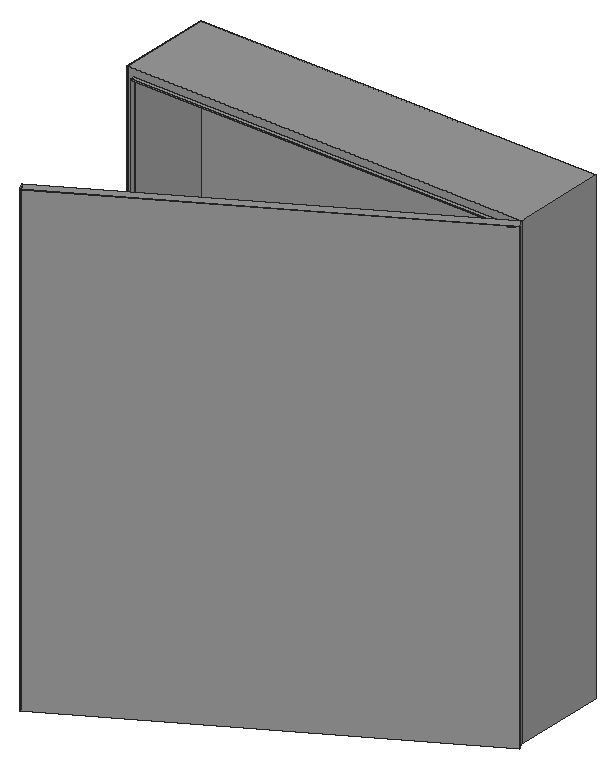
Revit family "Hager-Univers-IP44-D205-H950-Cl.I-Encl-NoHosted-CH-fr", category Electrical Equipment, Revit 2020
Family settings
  Panel Configuration = Two Columns, Circuits Across
  Round Connector Dimension = Use Diameter
  Part Type = Panelboard
  Work Plane-Based = Yes
  Always vertical = Yes
  Cut with Voids When Loaded = No
  Shared = No
  Room Calculation Point = No
Parameters (values of type "saillie IP44 L800 H950 P205  - FP63TN2")
  Width Control [instance] = if([EF000008 - largeur] > Min Width, [EF000008 - largeur], Min Width)  # 800 mm
  Type Comments = [HG000003 - Gamme]  # "Univers"
  Thickness Door [instance] = if([EF009171 - épaisseur de matériau de la porte/du couvercle] > 3 mm, 3 mm, [EF009171 - épaisseur de matériau de la porte/du couvercle])  # 1 mm
  Seal Frame Offset [instance] = 17 mm  # constant formula
  Plinth Visibility [instance] = [HG000027 - Hauteur du socle] > 0 mm  # no
  Min Width [instance] = 100 mm  # constant formula
  Min Depth [instance] = (2 * [EF009170 - épaisseur de matériau du boîtier]) + 1 mm  # 3 mm
  Min Height [instance] = 100 mm  # constant formula
  Internal Frame Depth [instance] = (Door System Depth * 0.5)  # 9 mm
  Panel Name [instance] = ""  # (empty or 0)
  Model = ""
  HG000027 - Hauteur du socle = 0 mm
  HG000026 - Installation au sol = no
  HG000024 - Hauteur de la section basse = 600 mm
  HG000023 - Armoire double section = no
  HG000016 - Visibilité de la porte 3D [instance] = yes
  HG000015 - Visibilité de l'emprise de la porte [instance] = no
  HG000014 - Porte à droite [instance] = yes
  HG000013 - Porte à gauche [instance] = not([HG000014 - Porte à droite])  # no
  HG000012 - Angle de pivotement de la porte [instance] = 30.00°
  HG000010 - Portes asymétriques = no
  HG000009 - Porte à double battant = no
  HG000006 - Encastré = no
  HG000004 - Référence fabricant = "FP63TN2"
  HG000003 - Gamme = "Univers"
  HG000002 - avec porte = yes
  Frame Offset Bottom [instance] = 10 mm  # constant formula
  Frame Offset [instance] = 15 mm  # constant formula
  EF015940 - couvercle avec décharge de pression = no
  EF011959 - degré de protection (NEMA) = ""
  EF009554 - nombre d'ouvertures pour plaques à bride = 6
  EF009212 - finition du couvercle = "EV000116 - fermé"
  EF009171 - épaisseur de matériau de la porte/du couvercle = 1 mm
  EF009170 - épaisseur de matériau du boîtier = 1 mm
  EF008873 - courant nominal (In) = 250 A
  EF007800 - adapté à un parafoudre = no
  EF006306 - avec serrure = no
  EF006244 - couvercle/porte transparent(e) = no
  EF005474 - indice de protection (IP) = "EV006418 - IP44"
  EF004464 - type de porte = "EV002646 - unique"
  EF004427 - nombre de modules = 216
  EF004293 - indice de protection contre les chocs (IK) = "EV006815 - IK09"
  EF003532 - convient pour utilisation à l’extérieur = no
  EF002950 - largeur en nombre de modules = 36
  EF001613 - maintien de fonction = "EV000494 - sans"
  EF001596 - matériau du boîtier/corps = "EV000179 - acier"
  EF001131 - profondeur intérieure = 130 mm
  EF001088 - possibilité de montage en saillie = yes
  EF000437 - nombre d'entrées de conduit = 6
  EF000339 - type de capot = "EV001012 - couvercle"
  EF000266 - nombre de rangées = 6
  EF000218 - profondeur d'encastrement = 205 mm
  EF000118 - avec cadre/support de montage = no
  EF000116 - numéro RAL = "9010"
  EF000049 - profondeur = 205 mm
  EF000040 - hauteur = 950 mm
  EF000008 - largeur = 800 mm
  EF000007 - couleur = "EV000202 - blanc"
  EF000003 - mode de pose = "EV000384 - saillie"
  Door System Leaf Tolerance [instance] = 1.5 mm  # constant formula
  Door System Depth [instance] = 18 mm  # constant formula
  Door Height [instance] = Height Control - [HG000027 - Hauteur du socle]  # 950 mm
  Description = ""
  Default Elevation = 1219.2 mm
  Connector Offset [instance] = Height Control / 2  # 475 mm
  Manufacturer = "Hager"  # constant formula
  Height Control [instance] = if([EF000040 - hauteur] > Min Height, [EF000040 - hauteur], Min Height)  # 950 mm
  Depth Control [instance] = if([EF000049 - profondeur] > Min Depth, [EF000049 - profondeur], Min Depth)  # 205 mm
  Bottom Top Plate Trim [instance] = 1.5 mm  # constant formula
  Plinth height Ctrl [instance] = if([HG000027 - Hauteur du socle] > 0 mm, [HG000027 - Hauteur du socle], 12 mm)  # 12 mm
Types (10, lengths in mm): name | Width Control | HG000010 - Portes asymétriques | HG000009 - Porte à double battant | HG000004 - Référence fabricant | EF009554 - nombre d'ouvertures pour plaques à bride | EF004464 - type de porte | EF004427 - nombre de modules | EF002950 - largeur en nombre de modules | EF000437 - nombre d'entrées de conduit | EF000218 - profondeur d'encastrement | EF000008 - largeur
  saillie IP44 L1050 H950 P205  - FP64QT | 1050 | no | no | "FP64QT" | 8 | "EV003602 - double" | 288 | 48 | 8 | 0 | 1050
  saillie IP44 L1050 H950 P205  - FP64TN2 | 1050 | no | yes | "FP64TN2" | 8 | "EV003602 - double" | 288 | 48 | 8 | 205 | 1050
  saillie IP44 L1300 H950 P205  - FP65QT | 1300 | no | no | "FP65QT" | 10 | "EV003602 - double" | 360 | 60 | 10 | 0 | 1300
  saillie IP44 L1300 H950 P205  - FP65TN2 | 1300 | yes | yes | "FP65TN2" | 10 | "EV003602 - double" | 360 | 60 | 10 | 205 | 1300
  saillie IP44 L300 H950 P205  - FP61QT | 300 | no | no | "FP61QT" | 2 | "EV002646 - unique" | 72 | 12 | 2 | 0 | 300
  saillie IP44 L300 H950 P205  - FP61TN2 | 300 | no | no | "FP61TN2" | 2 | "EV002646 - unique" | 72 | 12 | 2 | 205 | 300
  saillie IP44 L550 H950 P205  - FP62QT | 550 | no | no | "FP62QT" | 4 | "EV002646 - unique" | 144 | 24 | 4 | 0 | 550
  saillie IP44 L550 H950 P205  - FP62TN2 | 550 | no | no | "FP62TN2" | 4 | "EV002646 - unique" | 144 | 24 | 4 | 205 | 550
  saillie IP44 L800 H950 P205  - FP63QT | 800 | no | no | "FP63QT" | 6 | "EV002646 - unique" | 216 | 36 | 6 | 0 | 800
  saillie IP44 L800 H950 P205  - FP63TN2 | 800 | no | no | "FP63TN2" | 6 | "EV002646 - unique" | 216 | 36 | 6 | 205 | 800
Reference planes
  plane 1 "Center (Front/Back)": y = 0
  plane 2: z = 0
  plane 3 "Center (Left/Right)": x = 0
  plane 4: y = 0
  plane 5: y = 0
  plane 6: z = 0
  plane 7: x = -400
  plane 8: x = 400
  plane 9: x = 399
  plane 10: x = -399
  plane 11: z = 0
  plane 12: z = 1
  plane 13: y = -205
  plane 14: y = -1
  plane 15: x = 0
  plane 16: y = -187
  plane 17: y = -204
  plane 18: y = -186
  plane 19: x = -384
  plane 20: x = 384
  plane 21: z = 11
  plane 22: x = -383
  plane 23: x = 383
  plane 24: z = 0
  plane 25: z = 950
  plane 26: z = 950
  plane 27: z = 934
  plane 28: z = 949
Forms (mm)
  Extrusion 1, solid, material "Hager_Steel_RAL7035_Light_Grey", detail levels medium+fine
    sketch origin (-208.679, -4572, 0) x (-1, 0, 0) y (0, -1, 0)
      loop
        line (191.321, -4385) -> (-608.679, -4385) -> (-608.679, -4572) -> (191.321, -4572) -> (191.321, -4385)
    from 0 to 950
  Extrusion 2, void
    sketch origin (-350.771, -205, 1219.2) x (1, 0, 0) y (0, 0, 1)
      loop
        line (-48.229, -270.2) -> (-48.229, -1218.2) -> (749.771, -1218.2) -> (749.771, -270.2) -> (-48.229, -270.2)
    from -19 to -204
  Extrusion 3, void
    sketch origin (-290.084, -187, 1219.2) x (1, 0, 0) y (0, 0, 1)
      loop
        line (-93.916, -1208.2) -> (674.084, -1208.2) -> (674.084, -285.2) -> (-93.916, -285.2) -> (-93.916, -1208.2)
    from 0 to -1
  Extrusion 4, solid, material "Hager_Steel_RAL7035_Light_Grey", visible <- "Plinth Visibility", detail levels medium+fine
    sketch origin (0, 0, 0) x (1, 0, 0) y (0, 1, 0)
      loop
        line (-400, 0) -> (-400, -187) -> (400, -187) -> (400, 0) -> (-400, 0)
    from 0 to 12 <- "Plinth height Ctrl"
  Extrusion 5, solid, material "Hager_Steel_RAL7035_Light_Grey", detail levels coarse
    sketch origin (0, 0, 0) x (1, 0, 0) y (0, 1, 0)
      loop
        line (-400, 0) -> (-400, -205) -> (400, -205) -> (400, 0) -> (-400, 0)
    from 0 to 950 <- "Height Control"
  Sweep 6, void
    path in 3D
      loop
        line (-400, -187, 12) -> (400, -187, 12) -> (400, 0, 12) -> (-400, 0, 12) -> (-400, -187, 12)
    profile origin (-400, -93.5, 12) x (1, 0, 0) y (0, 0, 1)
      loop
        line (0, 0) -> (0, -1.5) -> (1.5, -1.5)
        arc (1.5, -1.5) -> (1.061, -0.439) -> (0, 0) r 1.5
  Extrusion 7, solid, material "Hager_Steel_RAL7035_Light_Grey", detail levels fine
    sketch origin (-400, -187, 0) x (1, 0, 0) y (0, 0, 1)
      loop
        line (16, 11) -> (784, 11) -> (784, 934) -> (16, 934) -> (16, 11)
      loop
        line (15, 10) -> (785, 10) -> (785, 935) -> (15, 935) -> (15, 10)
    from 0 to 9 <- "Internal Frame Depth"
Cuts and joins
  Extrusion 2, Extrusion 3 cuts Extrusion 1
  Sweep 6 cuts Extrusion 4
Lines and regions (mm)
  Masking region 1
    outline origin (0, 0, 0) x (1, 0, 0) y (0, 1, 0)
      loop
        line (-400, 0) -> (-400, -205) -> (400, -205) -> (400, 0) -> (-400, 0)
  Masking region 2, detail levels coarse
    outline origin (-290.084, -187, 1219.2) x (-1, 0, 0) y (0, 0, 1)
      loop
        line (-690.084, -1219.2) -> (109.916, -1219.2) -> (109.916, -269.2) -> (-690.084, -269.2) -> (-690.084, -1219.2)
  Masking region 3, detail levels coarse
    outline origin (0, 0, 0) x (0, 1, 0) y (0, 0, 1)
      loop
        line (0, 0) -> (0, 950) -> (-205, 950) -> (-205, 0) -> (0, 0)
  Masking region 4, visible <- "Plinth Visibility", detail levels medium+fine
    outline origin (0, 0, 0) x (0, 1, 0) y (0, 0, 1)
      loop
        line (-1.5, 12) -> (-185.5, 12)
        arc (-185.5, 12) -> (-185.939, 10.939) -> (-187, 10.5) r 1.5
        line (-187, 10.5) -> (-187, 0) -> (0, 0) -> (0, 10.5)
        arc (0, 10.5) -> (-1.061, 10.939) -> (-1.5, 12) r 1.5
  Masking region 5, detail levels medium+fine
    outline origin (0, 0, 594.038) x (0, 1, 0) y (0, 0, 1)
      loop
        line (0, -594.038) -> (0, 355.962) -> (-187, 355.962) -> (-187, -594.038) -> (0, -594.038)
  Masking region 6, detail levels medium+fine
    outline origin (-359.7, -187, 1211.883) x (-1, 0, 0) y (0, 0, 1)
      loop
        line (-759.7, -1211.883) -> (40.3, -1211.883) -> (40.3, -261.883) -> (-759.7, -261.883) -> (-759.7, -1211.883)
  Masking region 7, visible <- "Plinth Visibility", detail levels medium+fine
    outline origin (-320.334, -187, 1041.368) x (-1, 0, 0) y (0, 0, 1)
      loop
        line (-720.334, -1041.368) -> (79.666, -1041.368) -> (79.666, -1030.868)
        arc (79.666, -1030.868) -> (78.606, -1030.429) -> (78.166, -1029.368) r 1.5
        line (78.166, -1029.368) -> (-718.834, -1029.368)
        arc (-718.834, -1029.368) -> (-719.273, -1030.429) -> (-720.334, -1030.868) r 1.5
        line (-720.334, -1030.868) -> (-720.334, -1041.368)
  sketch lines
    curve 1: line (-400, 0, 12) -> (-400, -187, 12)
    curve 2: line (-400, -187, 12) -> (400, -187, 12)
    curve 3: line (400, 0, 12) -> (-400, 0, 12)
    curve 4: line (400, -187, 12) -> (400, 0, 12)
Dimensions and locks
  locked: plane 1 "Center (Front/Back)" to plane 5
  "EF009170 - épaisseur de matériau du boîtier": plane 7 to plane 10
  "EF009170 - épaisseur de matériau du boîtier": plane 8 to plane 9
  equal spacing: plane 7, plane 3 "Center (Left/Right)", plane 8
  "Width Control": plane 7 to plane 8
  "Depth Control": plane 4 to plane 13
  "EF009170 - épaisseur de matériau du boîtier": plane 4 to plane 14
  "Height Control": plane 25 to level
  "HG000027 - Hauteur du socle": plane 11 to level
  "EF009170 - épaisseur de matériau du boîtier": plane 12 to plane 11
  "EF009170 - épaisseur de matériau du boîtier": plane 17 to plane 13
  "EF009170 - épaisseur de matériau du boîtier": plane 18 to plane 16
  "Frame Offset Bottom": plane 21 to plane 12
  "Frame Offset": plane 10 to plane 19
  "Frame Offset": plane 9 to plane 20
  "Door System Depth": plane 16 to plane 13
  "Seal Frame Offset": plane 7 to plane 22
  "Seal Frame Offset": plane 8 to plane 23
  "EF009170 - épaisseur de matériau du boîtier": plane 26 to plane 28
  "Frame Offset": plane 28 to plane 27
  "Connector Offset": plane 2 to connector elem
  "Bottom Top Plate Trim": profile plane to Sweep 6 sketch curve
  "Bottom Top Plate Trim": Sweep 6 sketch curve to Sweep 6 sketch curve
  "Plinth height Ctrl": Masking region 4 sketch curve to level
  "Plinth height Ctrl": Masking region 7 sketch curve to level
  "Thickness Door": Extrusion 7 sketch curve to Extrusion 7 sketch curve  (x4)
  "Bottom Top Plate Trim": radius of Sweep 6 sketch curve
  "Bottom Top Plate Trim": radius of Masking region 4 sketch curve  (x2)
  "Bottom Top Plate Trim": radius of Masking region 7 sketch curve  (x2)
  aligned and locked: Extrusion 2 sketch curve to plane 12
  aligned and locked: Extrusion 2 sketch curve to plane 9
  aligned and locked: Extrusion 2 sketch curve to plane 10
  aligned and locked: Extrusion 2 to plane 14
  aligned and locked: Extrusion 1 sketch curve to plane 4
  aligned and locked: plane 8 to Extrusion 1 sketch curve
  aligned and locked: plane 7 to Extrusion 1 sketch curve
  aligned and locked: Extrusion 2 to plane 18
  aligned and locked: Extrusion 3 sketch curve to plane 19
  aligned and locked: plane 20 to Extrusion 3 sketch curve
  aligned and locked: Extrusion 3 to Extrusion 2
  aligned and locked: Extrusion 3 sketch curve to plane 21
  aligned and locked: plane 3 "Center (Left/Right)" to nested 1
  aligned and locked: Extrusion 1 sketch curve to plane 16
  aligned and locked: Extrusion 4 sketch curve to cut or joined group of Extrusion 1, Extrusion 2, Extrusion 3
  aligned and locked: Masking region 1 sketch curve to plane 7
  aligned and locked: Masking region 1 sketch curve to plane 5
  aligned and locked: Masking region 1 sketch curve to plane 8
  aligned and locked: Masking region 2 sketch curve to level
  aligned and locked: level to Masking region 3 sketch curve
  aligned and locked: plane 1 "Center (Front/Back)" to Masking region 3 sketch curve
  aligned and locked: plane 13 to Masking region 3 sketch curve
  aligned and locked: plane 5 to Masking region 4 sketch curve
  aligned and locked: Masking region 2 sketch curve to plane 8
  aligned and locked: Masking region 2 sketch curve to plane 7
  aligned and locked: plane 7 to nested 2
  aligned and locked: nested 2 to plane 5
  aligned and locked: plane 5 to Masking region 5 sketch curve
  aligned and locked: plane 26 to Masking region 5 sketch curve
  aligned and locked: Extrusion 5 sketch curve to plane 8
  aligned and locked: Extrusion 5 sketch curve to plane 7
  aligned and locked: Extrusion 5 sketch curve to plane 5
  aligned and locked: Extrusion 3 sketch curve to plane 27
  aligned and locked: Extrusion 2 sketch curve to plane 28
  aligned and locked: Masking region 2 to plane 25
  aligned and locked: Extrusion 4 to plane 16
  aligned and locked: profile plane to Sweep 6 sketch curve
  aligned and locked: Masking region 5 sketch curve to plane 24
  aligned and locked: level to Masking region 4 sketch curve
  aligned and locked: Masking region 1 to plane 13
  aligned and locked: nested 1 to plane 16
  aligned and locked: Masking region 3 to plane 25
  aligned and locked: plane 16 to Masking region 4 sketch curve
  aligned and locked: Masking region 5 sketch curve to plane 16
  aligned and locked: plane 24 to plane 11
  aligned and locked: plane 26 to plane 25
  aligned and locked: plane 26 to cut or joined group of Extrusion 1, Extrusion 2, Extrusion 3
  aligned and locked: nested 1 to plane 24
  aligned and locked: Extrusion 1 to Extrusion 3
  aligned and locked: Masking region 6 sketch curve to plane 8
  aligned and locked: Masking region 6 sketch curve to plane 24
  aligned and locked: Masking region 6 sketch curve to plane 7
  aligned and locked: Masking region 6 sketch curve to plane 26
  aligned and locked: Masking region 7 sketch curve to plane 7
  aligned and locked: level to Masking region 7 sketch curve
  aligned and locked: Masking region 7 sketch curve to plane 8
  aligned and locked: Extrusion 7 sketch curve to cut or joined group of Extrusion 1, Extrusion 2, Extrusion 3  (x4)
Automatic sketch dimensions
  plane 19 to Extrusion 3 sketch curve = 0 mm
  Extrusion 3 sketch curve to plane 20 = 0 mm
  Extrusion 3 sketch curve to plane 21 = 0 mm
  Extrusion 4 sketch curve to plane 7 = 0 mm
  Extrusion 4 sketch curve to plane 8 = 0 mm
  Extrusion 4 sketch curve to plane 16 = 0 mm
  Masking region 1 sketch curve to plane 13 = 0 mm
  Masking region 2 sketch curve to plane 25 = 0 mm
  Masking region 3 sketch curve to plane 25 = 0 mm
  Extrusion 5 sketch curve to plane 13 = 0 mm
  profile plane to Sweep 6 sketch curve = 0 mm
Nested families
  nested 1: "EC000058_Univers_Door" at (0, -187, 0), Double <- "HG000009 - Porte à double battant", Transparent <- "EF006244 - couvercle/porte transparent(e)", Angle <- "HG000012 - Angle de pivotement de la porte", Door_Right <- "HG000014 - Porte à droite", Assymetrical <- "HG000010 - Portes asymétriques", Door <- "HG000002 - avec porte", Width_Ctrl <- "Width Control", 3d_Door <- "HG000016 - Visibilité de la porte 3D", Clearance <- "HG000015 - Visibilité de l'emprise de la porte", Door_Left <- "HG000013 - Porte à gauche", Width <- "Width Control", Door_Depth <- "Door System Depth", Leaf_Tolerance <- "Door System Leaf Tolerance", Height <- "Door Height", Lock_Visibility <- "EF006306 - avec serrure", Thickness <- "Thickness Door", type "EC000058_Univers_Door", detail levels medium+fine
    with min_wh 3 mm, Width_Ctrl 800 mm, Width 800 mm, Transparent no, Thickness 1 mm, Seal_Material Hager_Rubber, Lock_Visibility no, Lock_Material Hager_Plastic_RAL9005_Jet_Black, Leaf_Width 800 mm, Leaf_Tolerance_External_Sides 0 mm, Leaf_Tolerance 1.5 mm, Leaf_Offset 0 mm, Leaf_Height 947 mm, Leaf_2_Width 800 mm, Leaf_2_Offset 400 mm, Leaf_1_Width 800 mm, Leaf_1_Offset 400 mm, Height_Ctrl 950 mm, Height 950 mm, Glass_Material Hager_Glass, Double_Clearance_Ctrl no, Double no, Door_Right_Ctrl yes, Door_Right yes, Door_Material Hager_Steel_RAL7035_Light_Grey, Door_Left_Ctrl no, Door_Left no, Door_Depth 18 mm, Door yes, Clearance_Material Hager_Clearance, Clearance_Depth 800 mm, Clearance_Ctrl no, Clearance no, Assymetrical no, Angle 30.00°, 3d_Door yes
  nested 2: "Hager_Enclosure_Symbol" at (-400, 0, 0), Height <- "Depth Control", Width <- "Width Control", type "Hager_Enclosure_Symbol"
    with Width_Ctrl 800 mm, Width 800 mm, Height_Ctrl 205 mm, Height 205 mm, A_Width_Int 13.453 mm, A_Width 161.438 mm, A_Height_Ctrl 179.375 mm, A_Height 179.375 mm
Connectors
  electrical at (0, 0, 475)
    settings: on plane 1 "Center (Front/Back)", index 1, voltage 0 V, apparent load 0 VA, apparent load phase1 0 VA, apparent load phase2 0 VA, apparent load phase3 0 VA, power factor 1, load classification "Other", number of poles 1, system type 30, power factor state 1, is connector primary yes, connector utility no, sub classification motor no, connector description ""
Definition of nested family "EC000058_Univers_Door"
  Parameters (values of type "EC000058_Univers_Door")
    min_wh [instance] = (2 * Thickness) + 1 mm  # 11 mm
    Width_Ctrl [instance] = 400 mm
    Width [instance] = 500 mm
    Transparent [instance] = yes
    Thickness [instance] = 5 mm
    Seal_Material [instance] = none
    Lock_Visibility [instance] = yes
    Lock_Material [instance] = none
    Leaf_Width [instance] = if((Width_Ctrl - 2 * Leaf_Tolerance_External_Sides) > 0 mm, (Width_Ctrl - 2 * Leaf_Tolerance_External_Sides), min_wh)  # 400 mm
    Leaf_Tolerance_External_Sides [instance] = 0 mm  # constant formula
    Leaf_Tolerance [instance] = 1.5 mm
    Leaf_Offset [instance] = 0 mm  # constant formula
    Leaf_Height [instance] = if((Height_Ctrl - 2 * Leaf_Tolerance) > 0 mm, (Height_Ctrl - 2 * Leaf_Tolerance), min_wh)  # 497 mm
    Leaf_2_Width [instance] = if(and(and(Double, Assymetrical), Door_Left), (Leaf_Width / 3) - (Leaf_Tolerance / 2), if(and(and(Double, Assymetrical), Door_Right), (Leaf_Width / 3) * 2 - (Leaf_Tolerance / 2), if(and(Double, not(Assymetrical)), (Leaf_Width / 2) - Leaf_Tolerance, Leaf_Width)))  # 400 mm
    Leaf_2_Offset [instance] = if(and(Double, Assymetrical), Leaf_2_Width / 2, if(and(Double, not(Assymetrical)), Leaf_Width / 4, Leaf_Width / 2))  # 200 mm
    Leaf_1_Width [instance] = if(and(and(Double, Assymetrical), Door_Right), (Leaf_Width / 3) - (Leaf_Tolerance / 2), if(and(and(Double, Assymetrical), Door_Left), (Width / 3) * 2 - (Leaf_Tolerance / 2), if(and(Double, not(Assymetrical)), (Leaf_Width / 2) - Leaf_Tolerance, Leaf_Width)))  # 400 mm
    Leaf_1_Offset [instance] = if(and(Double, Assymetrical), Leaf_1_Width / 2, if(and(Double, not(Assymetrical)), Leaf_Width / 4, Leaf_Width / 2))  # 200 mm
    Height_Ctrl [instance] = if(Height > min_wh, Height, min_wh)  # 500 mm
    Height [instance] = 500 mm
    Glass_Material [instance] = none
    Double_Clearance_Ctrl [instance] = and(Double, Clearance)  # no
    Double [instance] = no
    Door_Right_Ctrl [instance] = and(or(Door_Right, Double), Door)  # yes
    Door_Right [instance] = yes
    Door_Material [instance] = none
    Door_Left_Ctrl [instance] = and(or(Door_Left, Double), Door)  # no
    Door_Left [instance] = no
    Door_Depth [instance] = 30 mm
    Door [instance] = yes
    Default Elevation = 1219.2 mm
    Clearance_Material [instance] = none
    Clearance_Depth [instance] = if(Leaf_1_Width > Leaf_2_Width, Leaf_1_Width, Leaf_2_Width)  # 400 mm
    Clearance_Ctrl [instance] = and(not(Double), Clearance)  # yes
    Clearance [instance] = yes
    Assymetrical [instance] = yes
    Angle [instance] = 30.00°
    3d_Door [instance] = yes
  Reference planes
    plane 1 "Center (Front/Back)": y = 0
    plane 2 "Bottom": z = 0
    plane 3 "Center (Left/Right)": x = 0
    plane 4: z = 500
    plane 5: x = -200
    plane 6: x = 200
    plane 7: z = 500
    plane 8: x = -200
    plane 9: z = 0
    plane 10: x = 200
    plane 11: y = 0
    plane 12: z = 1.5
    plane 13: x = -600
    plane 14: y = -400
    plane 15: x = 600
    plane 16: x = 0
    plane 17: x = 0
    plane 18: x = -200
    plane 19: x = 200
    plane 20: z = 498.5
  Forms (mm)
    Extrusion 1, solid, material <- "Clearance_Material", visible <- "Double_Clearance_Ctrl"
      sketch origin (1200, 0, 0) x (1, 0, 0) y (0, 0, -1)
        loop
          line (-1800, -498.5) -> (-600, -498.5) -> (-600, 0) -> (-1800, 0) -> (-1800, -498.5)
      from 0 to -400
  Dimensions and locks
    equal spacing: plane 5, plane 3 "Center (Left/Right)", plane 6
    "Width_Ctrl": plane 5 to plane 6
    "Leaf_Offset": plane 5 to plane 8
    "Leaf_Offset": plane 6 to plane 10
    "Leaf_Offset": plane 9 to level
    "Leaf_Offset": plane 4 to plane 7
    "Height_Ctrl": plane 4 to level
    "Leaf_Tolerance": plane 12 to plane 9
    locked: plane 11 to plane 1 "Center (Front/Back)"
    "Leaf_1_Offset": plane 18 to plane 16
    "Leaf_2_Offset": plane 17 to plane 19
    "Leaf_1_Width": plane 13 to plane 8
    "Leaf_2_Width": plane 10 to plane 15
    "Clearance_Depth": plane 14 to plane 1 "Center (Front/Back)"
    "Leaf_Tolerance_External_Sides": plane 8 to plane 18
    "Leaf_Tolerance_External_Sides": plane 19 to plane 10
    "Leaf_Tolerance": plane 7 to plane 20
    aligned and locked: level to plane 2 "Bottom"
    aligned and locked: nested 1 to plane 16
    aligned and locked: nested 2 to plane 17
    aligned and locked: Extrusion 1 to plane 13
    aligned and locked: plane 15 to Extrusion 1
    aligned and locked: Extrusion 1 to plane 14
    aligned and locked: plane 12 to nested 1
    aligned and locked: nested 2 to plane 12
    aligned and locked: Extrusion 1 to plane 11
    aligned and locked: plane 20 to Extrusion 1
    aligned and locked: nested 2 to plane 11
    aligned and locked: nested 1 to plane 11
  Automatic sketch dimensions
    Extrusion 1 sketch curve to level = 0 mm
    plane 5 to Extrusion 1 sketch curve = 400 mm
    plane 6 to Extrusion 1 sketch curve = 400 mm
    Extrusion 1 sketch curve to plane 4 = 1.5 mm
  Nested families
    nested 1: "EC000058_Univers_Door_Leaf" at (0, 0, 1.5), Width <- "Leaf_1_Width", visible <- "Door_Left_Ctrl", Leaf_Height <- "Leaf_Height", Angle <- "Angle", 3d_Door <- "3d_Door", Transparent <- "Transparent", Clearance Material <- "Clearance_Material", Clearance <- "Clearance_Ctrl", Door_Material <- "Door_Material", Glass_Material <- "Glass_Material", Door_Depth <- "Door_Depth", Lock_Material <- "Lock_Material", Seal_Material <- "Seal_Material", Lock_Visibility <- "Lock_Visibility", Thickness <- "Thickness", type "EC000058_Univers_Door_Leaf"
      with Width 400 mm, Transparent_Glass_Offset 30 mm, Transparent_Ctrl yes, Transparent yes, Thickness 5 mm, Standard no, Seal_Material none, Seal_D2 8 mm, Seal_D1 1 mm, Offset_Internal_Frame 10 mm, Lock_Width 20 mm, Lock_Visibility_3d yes, Lock_Visibility yes, Lock_Thickness_3 3 mm, Lock_Thickness_2 1 mm, Lock_Thickness_1 3 mm, Lock_Radius_Offset_2 16 mm, Lock_Radius_Offset_1 15 mm, Lock_Radius_2 5 mm, Lock_Radius 6 mm, Lock_Offset 5 mm, Lock_Material none, Lock_Height 80 mm, Lock_Cover_Top_Offset_2d 17 mm, Lock_Cover_Height -65 mm, Leaf_Height 497 mm, Internal_Seal_Thickness 8 mm, Internal_Seal_Depth_2 4.5 mm, Internal_Frame_Depth 25 mm, Glass_Thickness -1 mm, Glass_Offset -2 mm, Glass_Material none, Door_Material none, Door_Depth 30 mm, Clearance Material none, Clearance yes, Angle_Ctrl 30.00°, Angle 30.00°, 3d_Door yes
    nested 2: "EC000058_Univers_Door_Leaf" at (0, 0, 1.5) x (-1, 0, 0) z (0, 0, 1), Width <- "Leaf_2_Width", visible <- "Door_Right_Ctrl", Leaf_Height <- "Leaf_Height", Angle <- "Angle", 3d_Door <- "3d_Door", Transparent <- "Transparent", Clearance Material <- "Clearance_Material", Clearance <- "Clearance_Ctrl", Door_Material <- "Door_Material", Glass_Material <- "Glass_Material", Door_Depth <- "Door_Depth", Lock_Material <- "Lock_Material", Seal_Material <- "Seal_Material", Lock_Visibility <- "Lock_Visibility", Thickness <- "Thickness", type "EC000058_Univers_Door_Leaf"
      with Width 400 mm, Transparent_Glass_Offset 30 mm, Transparent_Ctrl yes, Transparent yes, Thickness 5 mm, Standard no, Seal_Material none, Seal_D2 8 mm, Seal_D1 1 mm, Offset_Internal_Frame 10 mm, Lock_Width 20 mm, Lock_Visibility_3d yes, Lock_Visibility yes, Lock_Thickness_3 3 mm, Lock_Thickness_2 1 mm, Lock_Thickness_1 3 mm, Lock_Radius_Offset_2 16 mm, Lock_Radius_Offset_1 15 mm, Lock_Radius_2 5 mm, Lock_Radius 6 mm, Lock_Offset 5 mm, Lock_Material none, Lock_Height 80 mm, Lock_Cover_Top_Offset_2d 17 mm, Lock_Cover_Height -65 mm, Leaf_Height 497 mm, Internal_Seal_Thickness 8 mm, Internal_Seal_Depth_2 4.5 mm, Internal_Frame_Depth 25 mm, Glass_Thickness -1 mm, Glass_Offset -2 mm, Glass_Material none, Door_Material none, Door_Depth 30 mm, Clearance Material none, Clearance yes, Angle_Ctrl 30.00°, Angle 30.00°, 3d_Door yes
  Definition of nested family "EC000058_Univers_Door_Leaf"
    Parameters (values of type "EC000058_Univers_Door_Leaf")
      Width [instance] = 2000 mm
      Transparent_Glass_Offset [instance] = 30 mm
      Transparent_Ctrl [instance] = and(Transparent, [3d_Door])  # yes
      Transparent [instance] = yes
      Thickness [instance] = 5 mm
      Standard [instance] = and(not(Transparent), [3d_Door])  # no
      Seal_Material [instance] = none
      Seal_D2 [instance] = 8 mm  # constant formula
      Seal_D1 [instance] = 1 mm  # constant formula
      Offset_Internal_Frame [instance] = 10 mm  # constant formula
      Lock_Width [instance] = 20 mm  # constant formula
      Lock_Visibility_3d [instance] = and(Lock_Visibility, [3d_Door])  # yes
      Lock_Visibility [instance] = yes
      Lock_Thickness_3 [instance] = 3 mm  # constant formula
      Lock_Thickness_2 [instance] = 1 mm  # constant formula
      Lock_Thickness_1 [instance] = 3 mm  # constant formula
      Lock_Radius_Offset_2 [instance] = Lock_Radius_Offset_1 + 1 mm  # 16 mm
      Lock_Radius_Offset_1 [instance] = 15 mm  # constant formula
      Lock_Radius_2 [instance] = Lock_Radius - 1 mm  # 5 mm
      Lock_Radius [instance] = 6 mm  # constant formula
      Lock_Offset [instance] = 5 mm  # constant formula
      Lock_Material [instance] = none
      Lock_Height [instance] = 80 mm  # constant formula
      Lock_Cover_Top_Offset_2d [instance] = Lock_Radius_Offset_2 + 1 mm  # 17 mm
      Lock_Cover_Height [instance] = -(Lock_Height - Lock_Radius_Offset_1)  # -65 mm
      Leaf_Height [instance] = 2720.336 mm
      Internal_Seal_Thickness [instance] = 8 mm  # constant formula
      Internal_Seal_Depth_2 [instance] = 4.5 mm  # constant formula
      Internal_Frame_Depth [instance] = if(Door_Depth - Thickness > 5 mm, Door_Depth - Thickness, 5 mm)  # 25 mm
      Glass_Thickness [instance] = if(Thickness > 15 mm, Glass_Offset + 10 mm, -1 mm)  # -1 mm
      Glass_Offset [instance] = if(Thickness > 15 mm, -(Thickness + 10 mm) / 2, -2 mm)  # -2 mm
      Glass_Material [instance] = none
      Door_Material [instance] = none
      Door_Depth [instance] = 30 mm
      Default Elevation = 0 mm
      Clearance Material [instance] = none
      Clearance [instance] = yes
      Angle_Ctrl [instance] = if(Angle > 180.00°, 180.00°, Angle)  # 90.00°
      Angle [instance] = 90.00°
      3d_Door [instance] = yes
    Reference planes
      plane 1 "Center (Front/Back)": y = 0
      plane 2: z = 0
      plane 3 "Center (Left/Right)": x = 0
      plane 4: y = 2000
      plane 5: x = -1000
      plane 6: x = 1000
      plane 7: x = -3000
      plane 8: z = 2720.336
      plane 9: z = 30
      plane 10: z = 2690.336
      plane 11: x = 970
      plane 12: x = -970
      plane 13: y = -3
      plane 14: z = 107.833
      plane 15: y = -5
      plane 16: y = -223.314
      plane 17: x = -1000
      plane 18: z = 1360.168
      plane 19: y = 30
    Forms (mm)
      Extrusion 1, solid, material <- "Clearance Material", visible <- "Clearance"
        sketch origin (0, 0, 0) x (1, 0, 0) y (0, 0, 1)
          loop
            line (-3000, 2720.336) -> (-3000, 0) -> (1000, 0) -> (1000, 2720.336) -> (-3000, 2720.336)
        from 0 to -2000
      Extrusion 2, solid, material <- "Door_Material", visible <- "Standard", detail levels medium+fine
        sketch origin (-1000, 0, 0) x (0, 1, 0) y (-1, 0, 0)
          loop
            line (0, 30) -> (0, 25) -> (2000, 25) -> (2000, 30) -> (0, 30)
        from 0 to 2720.336 <- "Leaf_Height"
      Extrusion 3, solid, material <- "Door_Material", visible <- "Transparent_Ctrl", detail levels medium+fine
        sketch origin (-1000, 0, 0) x (0, 1, 0) y (-1, 0, 0)
          loop
            line (0, 25) -> (2000, 25) -> (2000, 30) -> (0, 30) -> (0, 25)
        from 0 to 2720.336 <- "Leaf_Height"
      Extrusion 4, void
        sketch origin (-1025, 2000, 0) x (0, 1, 0) y (0, 0, -1)
          loop
            line (-30, -2690.336) -> (-30, -30) -> (-1970, -30) -> (-1970, -2690.336) -> (-30, -2690.336)
        from 0 to 5 <- "Thickness"
      Sweep 5, solid, material <- "Seal_Material", visible <- "Transparent_Ctrl", detail levels fine
        path in 3D
          loop
            line (-1025, 30, 30) -> (-1025, 30, 2690.336) -> (-1025, 1970, 2690.336) -> (-1025, 1970, 30) -> (-1025, 30, 30)
        profile origin (-1025, 1000, 30) x (1, 0, 0) y (0, 0, 1)
          loop
            line (0, 0) -> (0, -8) -> (1, -8) -> (1, 0) -> (0, 0)
      Extrusion 6, solid, material <- "Glass_Material", visible <- "Transparent_Ctrl", detail levels medium+fine
        sketch origin (-1030, 0, 0) x (0, 1, 0) y (0, 0, -1)
          loop
            line (1970, -2690.336) -> (1970, -30) -> (30, -30) -> (30, -2690.336) -> (1970, -2690.336)
        from -2 <- "Glass_Offset" to -1 <- "Glass_Thickness"
      Extrusion 7, solid, material <- "Door_Material", visible <- "3d_Door", detail levels medium+fine
        sketch origin (-1025, 2000, 0) x (0, -1, 0) y (0, 0, -1)
          loop
            line (0, -2720.336) -> (2000, -2720.336) -> (2000, 0) -> (0, 0) -> (0, -2720.336)
          loop
            line (1995, -5) -> (5, -5) -> (5, -2715.336) -> (1995, -2715.336) -> (1995, -5)
        from 0 to 25 <- "Internal_Frame_Depth"
      Sweep 8, solid, material <- "Seal_Material", visible <- "Transparent_Ctrl", detail levels fine
        path in 3D
          loop
            line (-1025, 0, 0) -> (-1025, 2000, 0) -> (-1025, 2000, 2720.336) -> (-1025, 0, 2720.336) -> (-1025, 0, 0)
        profile origin (-1025, 0, 1360.168) x (1, 0, 0) y (0, 1, 0)
          loop
            line (0, 10) -> (2.975, 10)
            arc (2.975, 10) -> (4.053, 10.447) -> (4.5, 11.525) r 1.525
            line (4.5, 11.525) -> (4.5, 16.527)
            arc (4.5, 16.527) -> (4.069, 17.569) -> (3.027, 18) r 1.473
            line (3.027, 18) -> (0, 18) -> (0, 10)
      Extrusion 9, solid, material <- "Lock_Material", visible <- "Lock_Visibility_3d", detail levels fine
        sketch origin (-1030, 0, 0) x (0, 1, 0) y (0, 0, -1)
          loop
            arc (1993.5, -1400.168) -> (1994.561, -1399.729) -> (1995, -1398.668) r 1.5
            line (1995, -1398.668) -> (1995, -1320.168) -> (1975, -1320.168) -> (1975, -1398.668)
            arc (1975, -1398.668) -> (1975.439, -1399.729) -> (1976.5, -1400.168) r 1.5
            line (1976.5, -1400.168) -> (1993.5, -1400.168)
        from 3 <- "Lock_Thickness_1" to 0
      Blend 10, solid, material <- "Lock_Material", visible <- "Lock_Visibility_3d", detail levels fine
        base sketch origin (-1033, 0, 0) x (0, 1, 0) y (0, 0, -1)
          loop
            line (1975, -1320.168) -> (1975, -1398.668)
            arc (1975, -1398.668) -> (1975.439, -1399.729) -> (1976.5, -1400.168) r 1.5
            line (1976.5, -1400.168) -> (1993.5, -1400.168)
            arc (1993.5, -1400.168) -> (1994.561, -1399.729) -> (1995, -1398.668) r 1.5
            line (1995, -1398.668) -> (1995, -1320.168) -> (1975, -1320.168)
        top sketch origin (-1033, 0, 0) x (0, 1, 0) y (0, 0, -1)
          loop
            line (1976, -1320.168) -> (1976, -1398.668)
            arc (1976, -1398.668) -> (1976.146, -1399.022) -> (1976.5, -1399.168) r 0.5
            line (1976.5, -1399.168) -> (1993.5, -1399.168)
            arc (1993.5, -1399.168) -> (1993.854, -1399.022) -> (1994, -1398.668) r 0.5
            line (1994, -1398.668) -> (1994, -1320.168) -> (1976, -1320.168)
        from 0 to 1 <- "Lock_Thickness_2"
      Blend 11, solid, material <- "Lock_Material", visible <- "Lock_Visibility_3d", detail levels fine
        base sketch origin (-1034, 0, 0) x (0, 1, 0) y (0, 0, -1)
          loop
            line (1978, -1320.168) -> (1978, -1384.168)
            arc (1978, -1384.168) -> (1985, -1391.168) -> (1992, -1384.168) r 7
            line (1992, -1384.168) -> (1992, -1320.168) -> (1978, -1320.168)
        top sketch origin (-1034, 0, 0) x (0, 1, 0) y (0, 0, -1)
          loop
            line (1991, -1320.168) -> (1979, -1320.168) -> (1979, -1383.168)
            arc (1979, -1383.168) -> (1985, -1389.168) -> (1991, -1383.168) r 6
            line (1991, -1383.168) -> (1991, -1320.168)
        from 0 to 3 <- "Lock_Thickness_3"
      Extrusion 12, solid, material <- "Lock_Material", visible <- "Lock_Visibility_3d", detail levels fine
        sketch origin (-1030, 1975, 1320.168) x (1, 0, 0) y (0, -1, 0)
          loop
            line (-7, -19) -> (-7, -1) -> (0, -1) -> (0, 0) -> (-8, 0) -> (-8, -20) -> (0, -20) -> (0, -19) -> (-7, -19)
        from 0 to -65 <- "Lock_Cover_Height"
      Extrusion 13, void
        sketch origin (-1038, 1995, 1320.168) x (-1, 0, 0) y (0, 0, -1)
          loop
            line (-5, -65) -> (0, -65) -> (-5, -60) -> (-5, -65)
        from 0 to 20 <- "Lock_Width"
      Extrusion 14, void
        sketch origin (-1038, 1975, 1320.168) x (0, -1, 0) y (0, 0, -1)
          loop
            circle (-10, -15.995) r 6
          loop
            circle (-10, -15.995) r 5
        from 0 to 2
      Extrusion 15, solid, material <- "Lock_Material", visible <- "Lock_Visibility_3d", detail levels medium
        sketch origin (-1030, 0, 0) x (0, 1, 0) y (0, 0, -1)
          loop
            arc (1993.5, -1400.168) -> (1994.561, -1399.729) -> (1995, -1398.668) r 1.5
            line (1995, -1398.668) -> (1995, -1320.168) -> (1975, -1320.168) -> (1975, -1398.668)
            arc (1975, -1398.668) -> (1975.439, -1399.729) -> (1976.5, -1400.168) r 1.5
            line (1976.5, -1400.168) -> (1993.5, -1400.168)
        from 8 to 0
    Cuts and joins
      Extrusion 4 cuts Extrusion 3
      Extrusion 13, Extrusion 14 cuts Extrusion 9
      Extrusion 14 cuts Blend 11
      Extrusion 13, Extrusion 14 cuts Extrusion 12
      joined: Extrusion 9, Blend 10, Blend 11, Extrusion 12
      Extrusion 14 cuts Extrusion 15
    Lines and regions (mm)
      Masking region 1, visible <- "Lock_Visibility", detail levels fine
        outline origin (0, 0, 0) x (0, 1, 0) y (0, 0, 1)
          loop
            line (30, 1320.168) -> (33, 1320.168) -> (33, 1400.168) -> (30, 1400.168) -> (30, 1320.168)
      Masking region 2, visible <- "Lock_Visibility", detail levels fine
        outline origin (0, 3.143, 0) x (0, 1, 0) y (0, 0, 1)
          loop
            line (29.857, 1354.168) -> (30.857, 1354.168) -> (30.857, 1366.168) -> (29.857, 1366.168) -> (29.857, 1354.168)
      Masking region 3, detail levels medium+fine
        outline origin (0, 0, 0) x (0, 1, 0) y (0, 0, 1)
          loop
            line (0, 0) -> (30, 0) -> (30, 2720.336) -> (0, 2720.336) -> (0, 0)
      Masking region 4, detail levels medium+fine
        outline origin (0, 0, 0) x (1, 0, 0) y (0, 0, 1)
          loop
            line (-1000, 2720.336) -> (-1000, 0) -> (1000, 0) -> (1000, 2720.336) -> (-1000, 2720.336)
      Masking region 5, visible <- "Lock_Visibility", detail levels fine
        outline origin (-47.116, 0, 0) x (1, 0, 0) y (0, 0, 1)
          loop
            arc (1024.616, 1399.168) -> (1023.556, 1398.729) -> (1023.116, 1397.668) r 1.5
            line (1023.116, 1397.668) -> (1023.116, 1320.168) -> (1041.116, 1320.168) -> (1041.116, 1397.668)
            arc (1041.116, 1397.668) -> (1040.677, 1398.729) -> (1039.616, 1399.168) r 1.5
            line (1039.616, 1399.168) -> (1024.616, 1399.168)
      Masking region 6, visible <- "Lock_Visibility", detail levels medium+fine
        outline origin (-25, 0, 0) x (1, 0, 0) y (0, 0, 1)
          loop
            arc (1001.5, 1400.168) -> (1000.439, 1399.729) -> (1000, 1398.668) r 1.5
            line (1000, 1398.668) -> (1000, 1320.168) -> (1020, 1320.168) -> (1020, 1398.668)
            arc (1020, 1398.668) -> (1019.561, 1399.729) -> (1018.5, 1400.168) r 1.5
            line (1018.5, 1400.168) -> (1001.5, 1400.168)
      Masking region 7, visible <- "Lock_Visibility", detail levels fine
        outline origin (-73.735, 0, 0) x (1, 0, 0) y (0, 0, 1)
          loop
            line (1051.735, 1382.168) -> (1065.735, 1382.168) -> (1065.735, 1384.168)
            arc (1065.735, 1384.168) -> (1058.735, 1391.168) -> (1051.735, 1384.168) r 7
            line (1051.735, 1384.168) -> (1051.735, 1382.168)
      Masking region 8, visible <- "Lock_Visibility", detail levels fine
        outline origin (-73.735, 0, 0) x (1, 0, 0) y (0, 0, 1)
          loop
            line (1052.735, 1382.168) -> (1064.735, 1382.168) -> (1064.735, 1383.168)
            arc (1064.735, 1383.168) -> (1058.735, 1389.168) -> (1052.735, 1383.168) r 6
            line (1052.735, 1383.168) -> (1052.735, 1382.168)
      Masking region 9, visible <- "Lock_Visibility", detail levels fine
        outline origin (-25, 0, 0) x (1, 0, 0) y (0, 0, 1)
          loop
            line (1020, 1320.168) -> (1020, 1382.168) -> (1000, 1382.168) -> (1000, 1320.168) -> (1020, 1320.168)
      Masking region 10, detail levels medium+fine
        outline origin (0, 0, 0) x (1, 0, 0) y (0, 0, 1)
          loop
            circle (985, 1335.144) r 6
      Masking region 11, detail levels fine
        outline origin (0, 0, 0) x (1, 0, 0) y (0, 0, 1)
          loop
            circle (985, 1335.144) r 5
      Masking region 12, visible <- "Lock_Visibility", detail levels fine
        outline origin (0, 12.767, 0) x (0, 1, 0) y (0, 0, 1)
          loop
            line (20.233, 1320.168) -> (21.233, 1320.168) -> (21.233, 1399.168) -> (20.233, 1400.168) -> (20.233, 1320.168)
      Masking region 13, visible <- "Lock_Visibility", detail levels fine
        outline origin (0, 13.767, -10) x (0, 1, 0) y (0, 0, 1)
          loop
            line (20.233, 1330.168) -> (23.233, 1330.168) -> (23.233, 1399.168) -> (20.233, 1402.168) -> (20.233, 1330.168)
      Masking region 14, visible <- "Lock_Visibility", detail levels fine
        outline origin (0, 12.767, -10) x (0, 1, 0) y (0, 0, 1)
          loop
            line (20.233, 1330.168) -> (25.233, 1330.168) -> (25.233, 1399.305) -> (20.233, 1394.305) -> (20.233, 1330.168)
      Masking region 15, visible <- "Lock_Visibility", detail levels medium
        outline origin (0, 0, 0) x (0, 1, 0) y (0, 0, 1)
          loop
            line (30, 1320.168) -> (38, 1320.168) -> (38, 1400.168) -> (30, 1400.168) -> (30, 1320.168)
      Masking region 16, visible <- "Lock_Visibility", detail levels fine
        outline origin (-1000, 0, 0) x (0, 1, 0) y (-1, 0, 0)
          loop
            line (1975, 30) -> (1995, 30) -> (1995, 38) -> (1975, 38) -> (1975, 30)
          loop
            line (1979, 37) -> (1976, 37) -> (1976, 34) -> (1978, 34) -> (1979, 37)
          loop
            line (1994, 37) -> (1991, 37) -> (1992, 34) -> (1994, 34) -> (1994, 37)
      Masking region 17, visible <- "Lock_Visibility", detail levels medium
        outline origin (-1000, 0, 0) x (0, 1, 0) y (-1, 0, 0)
          loop
            line (1975, 30) -> (1995, 30) -> (1995, 38) -> (1975, 38) -> (1975, 30)
      symbolic lines
        curve 1: line (1000, 0, 0) -> (-3000, 0, 0)
        curve 2: arc (1000, 0, 0) -> (-1000, 2000, 0) -> (-3000, 0, 0) r 2000
        curve 4: line (-1030, 0, 0) -> (-1030, 2000, 0)
      reference lines
        curve 3: line (-1000, 0, 0) -> (-1000, 2000, 0)
      symbolic lines, detail levels medium+fine
        curve 5: line (-1030, 2000, 0) -> (-1025, 2000, 0)
        curve 7: line (-1025, 0, 0) -> (-1030, 0, 0)
        curve 8: line (-1025, 0, 0) -> (-1000, 0, 0)
        curve 9: line (-1000, 0, 0) -> (-1000, 2000, 0)
        curve 10: line (-1000, 2000, 0) -> (-1025, 2000, 0)
      symbolic lines, detail levels fine
        curve 6: line (-1025, 2000, 0) -> (-1025, 0, 0)
      sketch lines
        curve 11: line (-1025, 0, 2720.336) -> (-1025, 0, 0)
        curve 12: line (-1025, 2000, 0) -> (-1025, 0, 0)
        curve 13: line (-1025, 2000, 2720.336) -> (-1025, 2000, 0)
        curve 14: line (-1025, 0, 2720.336) -> (-1025, 2000, 2720.336)
        curve 15: line (-1025, 1970, 30) -> (-1025, 30, 30)
        curve 16: line (-1025, 30, 30) -> (-1025, 30, 2690.336)
        curve 17: line (-1025, 1970, 2690.336) -> (-1025, 1970, 30)
        curve 18: line (-1025, 30, 2690.336) -> (-1025, 1970, 2690.336)
      symbolic lines, visible <- "Transparent", detail levels medium+fine
        curve 19: line (-970, 0, 2690.336) -> (970, 0, 2690.336)
        curve 20: line (-970, 0, 30) -> (-970, 0, 2690.336)
        curve 21: line (970, 0, 30) -> (-970, 0, 30)
        curve 22: line (970, 0, 2690.336) -> (970, 0, 30)
    Dimensions and locks
      "Width": plane 1 "Center (Front/Back)" to plane 4
      equal spacing: plane 5, plane 3 "Center (Left/Right)", plane 6
      "Width": plane 5 to plane 6
      "Width": plane 7 to plane 5
      "Leaf_Height": plane 8 to level
      "Width": curve 5 to curve 3
      "Width": curve 3 to curve 3
      plane 8 to plane 10 = 30 mm
      plane 9 to level = 30 mm
      plane 12 to plane 5 = 30 mm
      plane 6 to plane 11 = 30 mm
      Extrusion 1 to Extrusion 4 sketch curve = 30 mm
      "Transparent_Glass_Offset": curve 3 to Extrusion 4 sketch curve
      "Transparent_Glass_Offset": Extrusion 4 sketch curve to cut or joined group of Extrusion 3, Extrusion 4  (x2)
      cut or joined group of Extrusion 3, Extrusion 4 to Extrusion 6 sketch curve = 30 mm
      "Transparent_Glass_Offset": cut or joined group of Extrusion 3, Extrusion 4 to Extrusion 4 sketch curve
      "Thickness": curve 6 to curve 4
      "Thickness": Extrusion 7 sketch curve to Extrusion 7 sketch curve  (x4)
      "Door_Depth": curve 4 to curve 3
      "Offset_Internal_Frame": profile plane to Sweep 8 sketch curve
      "Internal_Seal_Thickness": Sweep 8 sketch curve to Sweep 8 sketch curve
      "Internal_Seal_Depth_2": profile plane to Sweep 8 sketch curve
      "Seal_D1": profile plane to Sweep 5 sketch curve
      "Seal_D2": profile plane to Sweep 5 sketch curve
      "Thickness": Extrusion 2 sketch curve to Extrusion 2 sketch curve
      equal spacing: Extrusion 9 sketch curve, plane 18, Extrusion 9 sketch curve  (x2)
      equal spacing: Masking region 1 sketch curve, plane 18, Masking region 1 sketch curve
      "Lock_Height": Masking region 1 sketch curve to Masking region 1 sketch curve
      "Lock_Radius": Masking region 2 sketch curve to plane 18 to Masking region 2 sketch curve
      Masking region 2 sketch curve to Masking region 1 = 1 mm
      "Door_Depth": plane 19 to plane 1 "Center (Front/Back)"
      "Lock_Thickness_1": Masking region 1 sketch curve to plane 19
      "Lock_Width": Extrusion 9 sketch curve to Extrusion 9 sketch curve
      "Lock_Height": Extrusion 9 sketch curve to Extrusion 9 sketch curve
      "Lock_Offset": cut or joined group of Extrusion 3, Extrusion 4 to Extrusion 9 sketch curve
      equal spacing: plane 8, plane 18, level
      "Lock_Radius_Offset_1": Blend 11 sketch curve to Blend 10
      locked: Blend 10 to Blend 11 sketch curve at 2  (x2)
      locked: var sketch to Blend 11 sketch curve at 1  (x2)
      "Lock_Radius_Offset_2": Blend 11 sketch curve to Blend 10
      locked: Extrusion 12 sketch curve to Extrusion 12 sketch curve at 1  (x3)
      Masking region 6 sketch curve to Masking region 6 sketch curve = 80 mm
      "Lock_Height": Masking region 6 sketch curve to Masking region 6 sketch curve
      "Lock_Width": Masking region 6 sketch curve to Masking region 6 sketch curve
      locked: Masking region 6 to Masking region 5 sketch curve at 1  (x3)
      locked: Masking region 5 to Masking region 7 sketch curve at 2  (x2)
      "Lock_Radius_Offset_1": Masking region 5 to Masking region 7 sketch curve
      "Lock_Radius_Offset_2": Masking region 5 to Masking region 8 sketch curve
      locked: Masking region 7 to Masking region 8 sketch curve at 1  (x2)
      "Lock_Cover_Top_Offset_2d": Masking region 5 to Masking region 9 sketch curve
      equal spacing: Masking region 9, Masking region 10 sketch curve, Masking region 9
      equal spacing: Masking region 9, Masking region 11 sketch curve, Masking region 9
      Extrusion 15 sketch curve to Extrusion 15 sketch curve = 80 mm
      "Lock_Width": Extrusion 15 sketch curve to Extrusion 15 sketch curve
      "Lock_Height": Extrusion 15 sketch curve to Extrusion 15 sketch curve
      equal spacing: Extrusion 15 sketch curve, plane 18, Extrusion 15 sketch curve
      "Lock_Thickness_3": Masking region 13 sketch curve to Masking region 13 sketch curve
      "Lock_Height": Masking region 12 sketch curve to Masking region 12 sketch curve
      locked: Masking region 13 sketch curve to Masking region 1 at 8
      locked: Masking region 14 sketch curve to Masking region 13 at 1
      locked: Masking region 14 sketch curve to Masking region 1 at 10.863
      "Lock_Height": Masking region 15 sketch curve to Masking region 15 sketch curve
      "Lock_Offset": Extrusion 15 sketch curve to cut or joined group of Extrusion 3, Extrusion 4
      "Lock_Offset": plane 6 to Masking region 6 sketch curve
      radius of Sweep 8 sketch curve = 1.525 mm
      radius of Sweep 8 sketch curve = 1.473 mm
      radius of Extrusion 9 sketch curve = 1.5 mm  (x2)
      "Lock_Radius": radius of Extrusion 14 sketch curve
      "Lock_Radius_2": radius of Extrusion 14 sketch curve
      "Lock_Radius": radius of Masking region 10 sketch curve
      "Lock_Radius_2": radius of Masking region 11 sketch curve
      radius of Extrusion 15 sketch curve = 1.5 mm  (x2)
      "Angle_Ctrl": angle plane 1 "Center (Front/Back)" to curve 3
      locked: Masking region 12 sketch curve to Masking region 12 sketch curve (angle 45.00°)
      locked: Masking region 13 sketch curve to Masking region 13 sketch curve (angle 45.00°)
      locked: Masking region 14 sketch curve to Masking region 14 sketch curve (angle 45.00°)
      aligned and locked: level to plane 2
      aligned and locked: Extrusion 1 to curve 1
      aligned and locked: plane 6 to Extrusion 1
      aligned and locked: Extrusion 1 to plane 1 "Center (Front/Back)"
      aligned and locked: plane 4 to Extrusion 1
      aligned and locked: plane 8 to Extrusion 1
      aligned and locked: curve 7 to Extrusion 2 sketch curve
      aligned and locked: curve 5 to Extrusion 2 sketch curve
      aligned and locked: curve 7 to Extrusion 3 sketch curve
      aligned and locked: Extrusion 3 sketch curve to curve 4
      aligned and locked: Extrusion 3 sketch curve to curve 6
      aligned and locked: Extrusion 3 sketch curve to curve 5
      aligned and locked: curve 9 to curve 3
      aligned and locked: Extrusion 7 sketch curve to cut or joined group of Extrusion 3, Extrusion 4  (x4)
      aligned and locked: plane 17 to curve 3
      aligned and locked: plane 1 "Center (Front/Back)" to curve 3
      aligned and locked: plane 17 to plane 5
      aligned and locked: Sweep 8 sketch curve to profile plane
      aligned and locked: Sweep 5 sketch curve to profile plane  (x2)
      aligned and locked: Masking region 1 to Masking region 2 sketch curve
      aligned and locked: plane 19 to Masking region 1 sketch curve
      aligned and locked: plane 1 "Center (Front/Back)" to Masking region 3 sketch curve
      aligned and locked: plane 19 to Masking region 3 sketch curve
      aligned and locked: level to Masking region 3 sketch curve
      aligned and locked: Masking region 3 sketch curve to plane 8
      aligned and locked: plane 17 to Masking region 4 sketch curve
      aligned and locked: level to Masking region 4 sketch curve
      aligned and locked: Masking region 4 sketch curve to plane 8
      aligned and locked: plane 12 to curve 20
      aligned and locked: plane 10 to curve 19
      aligned and locked: plane 11 to curve 22
      aligned and locked: curve 21 to plane 9
      aligned and locked: Extrusion 2 sketch curve to cut or joined group of Extrusion 3, Extrusion 4
      aligned and locked: Blend 10 sketch curve to Extrusion 9  (x4)
      aligned and locked: Extrusion 9 to Blend 10 sketch curve
      aligned and locked: Blend 10 to Blend 11 sketch curve
      aligned and locked: Extrusion 12 sketch curve to Blend 11
      aligned and locked: Extrusion 12 sketch curve to Extrusion 9  (x4)
      aligned and locked: Masking region 5 sketch curve to Masking region 6
      aligned and locked: Masking region 9 sketch curve to Masking region 6  (x3)
      aligned and locked: Masking region 12 sketch curve to Masking region 1
      aligned and locked: Masking region 13 sketch curve to Masking region 1
      aligned and locked: Masking region 12 to Masking region 14
      aligned and locked: Masking region 14 sketch curve to Masking region 1
      aligned and locked: Masking region 15 sketch curve to Masking region 14
      aligned and locked: Masking region 13 sketch curve to Masking region 12
      aligned and locked: Masking region 16 sketch curve to cut or joined group of Extrusion 14, Extrusion 15  (x4)
      aligned and locked: Masking region 16 sketch curve to cut or joined group of Extrusion 9, Blend 10, Blend 11, Extrusion 12, Extrusion 13, Extrusion 14  (x6)
      aligned and locked: cut or joined group of Extrusion 9, Blend 10, Blend 11, Extrusion 12, Extrusion 13, Extrusion 14 to Masking region 16 sketch curve
      aligned and locked: Masking region 17 sketch curve to cut or joined group of Extrusion 14, Extrusion 15  (x3)
      aligned and locked: Masking region 17 sketch curve to cut or joined group of Extrusion 9, Blend 10, Blend 11, Extrusion 12, Extrusion 13, Extrusion 14
      aligned and locked: Masking region 9 to Masking region 8 sketch curve
      aligned and locked: Masking region 9 to Masking region 7 sketch curve
    Automatic sketch dimensions
      plane 1 "Center (Front/Back)" to curve 2 = 0 mm
      curve 2 to plane 5 = 0 mm
      Extrusion 1 sketch curve to level = 0 mm
      Extrusion 1 sketch curve to plane 7 = 0 mm
      Extrusion 1 sketch curve to plane 6 = 0 mm
      Extrusion 1 sketch curve to plane 8 = 0 mm
      Extrusion 3 to Extrusion 6 sketch curve = 30 mm  (x4)
      Masking region 4 sketch curve to plane 6 = 0 mm
      Blend 10 sketch curve to Extrusion 9 = 1.5 mm
      Blend 10 sketch curve to Extrusion 9 = 1 mm
      Extrusion 13 sketch curve to Extrusion 12 = 0 mm  (x2)
      Extrusion 12 to Extrusion 13 sketch curve = 3 mm
      Extrusion 13 sketch curve to Extrusion 12 = 5 mm
      Extrusion 14 sketch curve to Extrusion 14 sketch curve = 0 mm  (x2)
      Extrusion 14 sketch curve to Extrusion 12 = 10 mm
      Extrusion 14 sketch curve to Extrusion 12 = 15.995 mm
      Masking region 5 sketch curve to Masking region 5 sketch curve = 1.5 mm  (x2)
      Masking region 10 sketch curve to plane 18 = 25.024 mm
      Masking region 11 sketch curve to plane 18 = 25.024 mm
      plane 19 to Masking region 14 sketch curve = 3 mm
      Masking region 16 sketch curve to Masking region 16 sketch curve = 3 mm
      curve 4 to curve 3 = 0 mm
      Blend 10 to Blend 11 sketch curve = 0 mm
      Masking region 6 sketch curve to Masking region 6 sketch curve = 1.5 mm  (x2)
      Masking region 6 sketch curve to plane 18 = 40 mm
      plane 19 to Masking region 12 sketch curve = 3 mm
      Masking region 12 sketch curve to Masking region 12 sketch curve = 1 mm
      Masking region 15 sketch curve to plane 19 = 0 mm
      Masking region 15 sketch curve to plane 18 = 40 mm
      radius of Blend 10 sketch curve to Extrusion 9 = 1 mm
Definition of nested family "Hager_Enclosure_Symbol"
  Parameters (values of type "Hager_Enclosure_Symbol")
    Width_Ctrl [instance] = if(Width > 1 mm, Width, 1 mm)  # 102.27 mm
    Width [instance] = 102.27 mm
    Height_Ctrl [instance] = if(Height > 1 mm, Height, 1 mm)  # 66.5 mm
    A_Width_Int [instance] = if(A_Width / 12 > 2 mm, A_Width / 12, 2 mm)  # 4.364 mm
    A_Width [instance] = if(A_Height_Ctrl * 0.9 > 2 mm, A_Height_Ctrl * 0.9, 2 mm)  # 52.369 mm
    A_Height_Ctrl [instance] = if(A_Height > 2 mm, A_Height, 2 mm)  # 58.188 mm
    Height [instance] = 66.5 mm
    A_Height [instance] = Height - (Height / 8)  # 58.188 mm
  Reference planes
    plane 1 "Centre (avant/arrière)": y = 0
    plane 2: z = 0
    plane 3 "Centre (gauche/droite)": x = 0
    plane 4: x = 52.369
    plane 5: y = 33.042
    plane 6: y = 41.77
    plane 7: y = 66.5
    plane 8: x = 26.184
    plane 9: y = 37.406
    plane 10: x = 102.27
    plane 11: y = 66.5
    plane 12: y = 8.313
  Lines and regions (mm)
    Filled region 1, type "Solid_Black", in view "Niveau de réf."
      outline origin (0, 0, 0) x (1, 0, 0) y (0, 1, 0)
        loop
          line (52.369, 66.5) -> (33.188, 54.536) -> (45.365, 45.006) -> (52.369, 66.5)
    Filled region 2, type "Solid_Black", in view "Niveau de réf."
      outline origin (0, 0, 0) x (1, 0, 0) y (0, 1, 0)
        loop
          line (0, 0) -> (102.27, 0) -> (102.27, 66.5) -> (0, 0)
    detail lines, in view "Niveau de réf."
      curve 1: line (0, 8.313, 0) -> (26.184, 41.77, 0)
      curve 2: line (26.184, 41.77, 0) -> (26.184, 33.042, 0)
      curve 3: line (26.184, 33.042, 0) -> (52.369, 66.5, 0)
  Dimensions and locks
    "A_Width": plane 3 "Centre (gauche/droite)" to plane 4
    equal spacing: plane 3 "Centre (gauche/droite)", plane 8, plane 4
    equal spacing: plane 6, plane 9, plane 5
    equal spacing: curve 3, Filled region 1 sketch curve, Filled region 1 sketch curve
    "Height_Ctrl": plane 1 "Centre (avant/arrière)" to plane 11
    "A_Height_Ctrl": plane 11 to plane 12
    equal spacing: plane 11, plane 9, plane 12
    "A_Width_Int": plane 6 to plane 9
    "Width_Ctrl": plane 3 "Centre (gauche/droite)" to plane 10
    angle Filled region 1 sketch curve to curve 3 = 20.00°
    angle curve 3 to Filled region 1 sketch curve = 20.00°
    locked: curve 3 to Filled region 1 sketch curve (angle 90.00°)
    aligned and locked: plane 10 to Filled region 2
    aligned and locked: plane 11 to Filled region 2 sketch curve
    aligned and locked: plane 10 to Filled region 2 sketch curve
    aligned and locked: plane 3 "Centre (gauche/droite)" to curve 1
    aligned and locked: plane 12 to curve 1
    aligned and locked: plane 7 to plane 11
  Automatic sketch dimensions
    Filled region 1 sketch curve to plane 4 = 0 mm
    Filled region 1 sketch curve to plane 7 = 0 mm
    plane 1 "Centre (avant/arrière)" to Filled region 2 sketch curve = 0 mm
    Filled region 2 sketch curve to plane 3 "Centre (gauche/droite)" = 0 mm
    curve 2 to plane 6 = 0 mm
    curve 2 to plane 8 = 0 mm
    curve 3 to plane 4 = 0 mm
    curve 2 to plane 5 = 0 mm
    curve 3 to plane 7 = 0 mm
